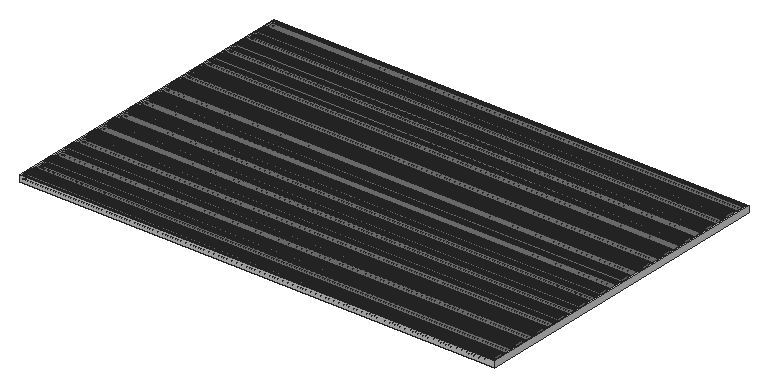
Revit family "Flooring_Entrance_Fuma_TopCleanTrend-With-Grooved-Rubber-And-Cassette-Brush_INT", category Allgemeines Modell, Revit 2018
Family settings
  Kann Basisbauteil für Bewehrung sein = Nein
  Bemaßung runder Anschluss = Durchmesser verwenden
  Teiletyp = Normal
  Arbeitsebenenbasiert = Nein
  Immer vertikal = Ja
  Beim Laden mit Abzugskörper schneiden = Nein
  Gemeinsam genutzt = Nein
  Raumberechnungspunkt = Nein
Parameters (values of type "Thickness 10 mm")
  Technical data link = "https://www.fuma.com/produkte/eingangsmatten/aluprofilmatten/top-clean-trend"
  ProductInformation = "Recommended for use where a weather-proof, corrosion resistant mat is required in external or internal residential or commercial for the initial removal of dirt, grit and moisture. With the additional benefit of the cassette brush for extra removal of grit and stones particularly where interior floor surfaces such as marble, wood or laminate may be vulnerable. Also suitable as a stylish interior application. Made to measure, rollable and easy to clean."
  Product avaibility = "worldwide\r\n"  # constant formula
  Model number = "12225 GP"
  Maximal Load = "3.000 kg"
  Manufacturer Country = "Germany"  # constant formula
  Minimum Length RFA = 300 mm  # constant formula
  Maximum Length RFA = 10000 mm  # constant formula
  Length of the carpet = 1200 mm
  Minimum Width RFA = 300 mm  # constant formula
  Maximum Width RFA = 10000 mm  # constant formula
  Width of the carpet = 800 mm
  Grooved Rubber = Grooved Rubber - Fuma
  Frame Material = "aluminium or stainless steel"
  Start of brush = Adjusted repetition / 2  # 33.267 mm
  Edition number = 2
  Color = "Colours Grooved Rubber: - black - Colours Cassette Brush: - black - grey"
  Cassette Brush = Polyamide - Fuma - Cassette Brush
  Distance adjustment = (Width of the actual carpet - (Number of actual profiles * Attempted repetition)) / Number of actual profiles * 0.8  # 0.533 mm
  Attempted repetition = 2 * (Profile width + Distance between profiles 4 6 or 8mm)  # 66 mm
  URL = "https://www.fuma.com/"
  Telephone = " +49 7248 450 73 0\r\n\r\n"  # constant formula
  Type Comments = ""
  Depth of carpet = 2.8 mm
  Adjusted repetition = Attempted repetition + Distance adjustment  # 66.533 mm
  Number of actual profiles = rounddown(Width of the actual carpet / Attempted repetition)  # 12
  Modell = "TopCleanTrend® with Grooved Rubber and Cassette Brush"
  Hersteller = "fuma Hauszubehör GmbH"  # constant formula
  Actual length = Actual carpet length - (Thickness of the frame profile + 2 mm) * 2  # 1190 mm
  Actual carpet length = if(Length of the carpet < Minimum Length RFA, Minimum Length RFA, if(Length of the carpet > Maximum Length RFA, Maximum Length RFA, Length of the carpet))  # 1200 mm
  Profile = Aluminum - Fuma - Grey
  Width of the frame profile = (Profile width + Distance between profiles 4 6 or 8mm) / 2  # 16.5 mm
  Profile width = 27 mm
  Actual width = Number of actual profiles * Adjusted repetition + 2 mm  # 800.4 mm
  Width of the actual carpet = if(Width of the carpet < Minimum Width RFA, Minimum Width RFA, if(Width of the carpet > Maximum Width RFA, Maximum Width RFA, Width of the carpet))  # 800 mm
  Frame height = 15 mm
  Thickness of the carpet = 10 mm
  Thickness of the frame profile = 3 mm  # constant formula
  E-mail = "info@fuma.com"  # constant formula
  Distance between profiles 4 6 or 8mm = 6 mm
  Distance of profile = 10.2 mm
  Description = ""
  Rubber = Rubber - Fuma - Black
  Address = "Reutäckerstraße 9, 76307 Karlsbad, DE"  # constant formula
Types (4, lengths in mm): name | Depth of carpet | Frame height | Thickness of the carpet | Distance of profile
  Thickness 27 mm | 5 | 30 | 27 | 23
  Thickness 22 mm | 5 | 25 | 22 | 18
  Thickness 10 mm | 2.8 | 15 | 10 | 10.2
  Thickness 17 mm | 3 | 20 | 17 | 13.5
Reference planes
  plane 1 "Center (Front/Back)": y = 0
  plane 2: z = 0
  plane 3 "Center (Left/Right)": x = 0
  plane 4: y = 800
  plane 5: x = 1200
Forms (mm)
  Sweep 1, solid, material "Aluminum - Fuma - Grey" <- "Profile"
    path origin (0, 0, 0) x (1, 0, 0) y (0, 1, 0)
      loop
        line (0, 800) -> (0, 0) -> (1200, 0) -> (1200, 800) -> (0, 800)
    profile origin (600, 800, 0) x (0, 1, 0) y (0, 0, 1)
      loop
        line (0, -3) -> (0, 12) -> (-3, 12) -> (-3, 0) -> (-16.5, 0) -> (-16.5, -3) -> (0, -3)
Dimensions and locks
  equal spacing: group 1, group 2, group 3, group 4, group 9, group 10, group 11, group 12, group 13, group 14, group 15, group 16  (x3)
  "Actual carpet length": plane 5 to plane 3 "Center (Left/Right)"
  "Width of the actual carpet": plane 4 to plane 1 "Center (Front/Back)"
  "Thickness of the frame profile": Sweep 1 sketch curve to Sweep 1 sketch curve  (x2)
  "Frame height": Sweep 1 sketch curve to Sweep 1 sketch curve
  "Width of the frame profile": Sweep 1 sketch curve to Sweep 1 sketch curve
  locked: plane 1 "Center (Front/Back)" to nested 1 at 4
  "Adjusted repetition": nested 1 to nested 2
  equal spacing: group 5, group 6, group 7, group 8, group 17, group 18, group 19, group 20, group 21, group 22, group 23, group 24  (x3)
  "Adjusted repetition": nested 6 to nested 5
  "Start of brush": nested 5 to nested 1
  aligned and locked: Sweep 1 sketch curve to plane 5
  aligned and locked: plane 3 "Center (Left/Right)" to Sweep 1 sketch curve
  aligned and locked: Sweep 1 sketch curve to plane 4
  aligned and locked: Sweep 1 sketch curve to plane 1 "Center (Front/Back)"
Automatic sketch dimensions
  Sweep 1 sketch curve to level = 0 mm
  Sweep 1 sketch curve to profile plane = 0 mm
Nested families
  nested 1: "Grooved Rubber" at (4, 17.472, 0), type "Grooved Rubber"
    with Trend 22 no, Trend 10 yes, Profondeur Tapis 2.8 mm, Hauteur 10 mm, Distance profil 10.2 mm
  nested 2: "Grooved Rubber" at (4, 84.005, 0), type "Grooved Rubber"
    with Trend 22 no, Trend 10 yes, Profondeur Tapis 2.8 mm, Hauteur 10 mm, Distance profil 10.2 mm
  nested 3: "Grooved Rubber" at (4, 150.539, 0), type "Grooved Rubber"
    with Trend 22 no, Trend 10 yes, Profondeur Tapis 2.8 mm, Hauteur 10 mm, Distance profil 10.2 mm
  nested 4: "Grooved Rubber" at (4, 217.072, 0), type "Grooved Rubber"
    with Trend 22 no, Trend 10 yes, Profondeur Tapis 2.8 mm, Hauteur 10 mm, Distance profil 10.2 mm
  nested 5: "Cassette Brush" at (4, 50.739, 0), type "Cassette Brush"
  nested 6: "Cassette Brush" at (4, 117.272, 0), type "Cassette Brush"
  nested 7: "Cassette Brush" at (4, 183.805, 0), type "Cassette Brush"
  nested 8: "Cassette Brush" at (4, 250.339, 0), type "Cassette Brush"
  nested 9: "Grooved Rubber" at (4, 283.605, 0), type "Grooved Rubber"
    with Trend 22 no, Trend 10 yes, Profondeur Tapis 2.8 mm, Hauteur 10 mm, Distance profil 10.2 mm
  nested 10: "Grooved Rubber" at (4, 350.139, 0), type "Grooved Rubber"
    with Trend 22 no, Trend 10 yes, Profondeur Tapis 2.8 mm, Hauteur 10 mm, Distance profil 10.2 mm
  nested 11: "Grooved Rubber" at (4, 416.672, 0), type "Grooved Rubber"
    with Trend 22 no, Trend 10 yes, Profondeur Tapis 2.8 mm, Hauteur 10 mm, Distance profil 10.2 mm
  nested 12: "Grooved Rubber" at (4, 483.205, 0), type "Grooved Rubber"
    with Trend 22 no, Trend 10 yes, Profondeur Tapis 2.8 mm, Hauteur 10 mm, Distance profil 10.2 mm
  nested 13: "Grooved Rubber" at (4, 549.739, 0), type "Grooved Rubber"
    with Trend 22 no, Trend 10 yes, Profondeur Tapis 2.8 mm, Hauteur 10 mm, Distance profil 10.2 mm
  nested 14: "Grooved Rubber" at (4, 616.272, 0), type "Grooved Rubber"
    with Trend 22 no, Trend 10 yes, Profondeur Tapis 2.8 mm, Hauteur 10 mm, Distance profil 10.2 mm
  nested 15: "Grooved Rubber" at (4, 682.805, 0), type "Grooved Rubber"
    with Trend 22 no, Trend 10 yes, Profondeur Tapis 2.8 mm, Hauteur 10 mm, Distance profil 10.2 mm
  nested 16: "Grooved Rubber" at (4, 749.339, 0), type "Grooved Rubber"
    with Trend 22 no, Trend 10 yes, Profondeur Tapis 2.8 mm, Hauteur 10 mm, Distance profil 10.2 mm
  nested 17: "Cassette Brush" at (4, 316.872, 0), type "Cassette Brush"
  nested 18: "Cassette Brush" at (4, 383.405, 0), type "Cassette Brush"
  nested 19: "Cassette Brush" at (4, 449.939, 0), type "Cassette Brush"
  nested 20: "Cassette Brush" at (4, 516.472, 0), type "Cassette Brush"
  nested 21: "Cassette Brush" at (4, 583.005, 0), type "Cassette Brush"
  nested 22: "Cassette Brush" at (4, 649.539, 0), type "Cassette Brush"
  nested 23: "Cassette Brush" at (4, 716.072, 0), type "Cassette Brush"
  nested 24: "Cassette Brush" at (4, 782.605, 0), type "Cassette Brush"
Definition of nested family "Grooved Rubber"
  Parameters (values of type "Grooved Rubber")
    Trend 42 = Hauteur = 42 mm  # no
    Trend 27 = Hauteur = 27 mm  # no
    Trend 22 = Hauteur = 22 mm  # yes
    Trend 17 = Hauteur = 17 mm  # no
    Trend 13 = Hauteur = 13 mm  # no
    Trend 10 = Hauteur = 10 mm  # no
    URL = "https://www.geggus.fr/"
    Profondeur Tapis = 5 mm
    Model = "Top Clean TREND®"
    Manufacturer = "Geggus"
    Longueur = 1190 mm
    Profile = none
    Hauteur = 22 mm
    Gros deniers = yes
    Fintion 2 = none
    Fins deniers = no
    Distance profil = 18 mm
    Caoutchouc = none
    Brosse = none
  Reference planes
    plane 1 "Center (Front/Back)": y = 0
    plane 2: z = 0
    plane 3 "Center (Left/Right)": x = 0
    plane 4: z = 13
    plane 5: z = 18
    plane 6: z = 18
    plane 7: z = 18
  Forms (mm)
    Extrusion 1, solid, material <- "Profile", visible <- "Trend 17"
      sketch origin (0, 0, 0) x (0, 1, 0) y (0, 0, 1)
        loop
          line (12.528, 9.5) -> (-12.472, 9.5) -> (-12.472, 6.7) -> (12.528, 6.7) -> (12.528, 9.5)
        loop
          line (12.028, 10.5) -> (-11.972, 10.5) -> (-11.972, 13.5) -> (-10.982, 13.5) -> (-10.982, 14.5) -> (-13.472, 14.5) -> (-13.472, 2) -> (-11.175, 2) -> (-11.175, 3) -> (-12.472, 3) -> (-12.472, 5.5) -> (-7.372, 5.5) -> (-7.372, 3) -> (-8.681, 3) -> (-8.681, 2) -> (-6.372, 2) -> (-6.372, 5.5) -> (6.428, 5.5) -> (6.428, 2) -> (8.737, 2) -> (8.737, 3) -> (7.428, 3) -> (7.428, 5.5) -> (12.528, 5.5) -> (12.528, 3) -> (11.231, 3) -> (11.231, 2) -> (13.528, 2) -> (13.528, 14.5) -> (11.038, 14.5) -> (11.038, 13.5) -> (12.028, 13.5) -> (12.028, 10.5)
      from 0 to 1190 <- "Longueur"
    Extrusion 2, solid, material <- "Caoutchouc"
      sketch origin (0, -9.881, 7.713) x (0, -1, 0) y (0, 0, -1)
        loop
          line (1.319, 5.713) -> (2.983, 5.713)
          arc (2.983, 5.713) -> (3.327, 5.932) -> (3.274, 6.337) r 0.38
          line (3.274, 6.337) -> (2.119, 7.713) -> (-1.881, 7.713) -> (-3.035, 6.337)
          arc (-3.035, 6.337) -> (-3.088, 5.932) -> (-2.744, 5.713) r 0.38
          line (-2.744, 5.713) -> (-1.081, 5.713) -> (-1.081, 4.76) -> (-1.866, 4.377)
          arc (-1.866, 4.377) -> (-2.114, 3.98) -> (-1.866, 3.583) r 0.442
          line (-1.866, 3.583) -> (-0.765, 3.046)
          arc (-0.765, 3.046) -> (0.119, 2.842) -> (1.004, 3.046) r 2.019
          line (1.004, 3.046) -> (2.105, 3.583)
          arc (2.105, 3.583) -> (2.353, 3.98) -> (2.105, 4.377) r 0.442
          line (2.105, 4.377) -> (1.319, 4.76) -> (1.319, 5.713)
        loop
          line (-21.081, 5.713) -> (-21.081, 4.76) -> (-21.866, 4.377)
          arc (-21.866, 4.377) -> (-22.114, 3.98) -> (-21.866, 3.583) r 0.442
          line (-21.866, 3.583) -> (-20.765, 3.046)
          arc (-20.765, 3.046) -> (-19.881, 2.842) -> (-18.996, 3.046) r 2.019
          line (-18.996, 3.046) -> (-17.895, 3.583)
          arc (-17.895, 3.583) -> (-17.647, 3.98) -> (-17.895, 4.377) r 0.442
          line (-17.895, 4.377) -> (-18.681, 4.76) -> (-18.681, 5.713) -> (-17.017, 5.713)
          arc (-17.017, 5.713) -> (-16.673, 5.932) -> (-16.726, 6.337) r 0.38
          line (-16.726, 6.337) -> (-17.881, 7.713) -> (-21.881, 7.713) -> (-23.035, 6.337)
          arc (-23.035, 6.337) -> (-23.088, 5.932) -> (-22.744, 5.713) r 0.38
          line (-22.744, 5.713) -> (-21.081, 5.713)
      from 0 to 1190 <- "Longueur"
    Extrusion 3, solid, material <- "Brosse", visible <- "Gros deniers"
      sketch origin (0, 0.264, 37.152) x (0, 1, 0) y (0, 0, 1)
        loop
          line (10.315, -24.152) -> (11.621, -16.743) -> (10.374, -14.746) -> (9.01, -16.929) -> (7.646, -14.746) -> (6.282, -16.929) -> (4.918, -14.746) -> (3.671, -16.743) -> (2.423, -14.746) -> (1.059, -16.929) -> (-0.264, -14.812) -> (-1.586, -16.929) -> (-2.95, -14.746) -> (-4.198, -16.743) -> (-5.445, -14.746) -> (-6.809, -16.929) -> (-8.173, -14.746) -> (-9.368, -16.659) -> (-10.563, -14.746) -> (-12.074, -17.164) -> (-10.842, -24.152) -> (10.315, -24.152)
      from 0 to 1190 <- "Longueur"
    Extrusion 4, solid, material <- "Profile", visible <- "Trend 22"
      sketch origin (0, 0.25, 15.623) x (0, 1, 0) y (0, 0, 1)
        loop
          line (8.549, -13.623) -> (8.549, -12.67) -> (7.498, -12.67) -> (7.498, -9.628) -> (12.25, -9.628) -> (12.25, -12.67) -> (10.95, -12.67) -> (10.95, -13.623) -> (12.563, -13.623)
          arc (12.563, -13.623) -> (13.049, -13.422) -> (13.25, -12.937) r 0.687
          line (13.25, -12.937) -> (13.25, 3.375) -> (13, 2.442) -> (12.75, 3.375) -> (12.508, 2.472) -> (12.249, 3.374) -> (12, 2.504) -> (11.75, 3.375)
          arc (11.75, 3.375) -> (11.003, 2.872) -> (11.75, 2.37) r 0.542
          line (11.75, 2.37) -> (11.75, -2.619) -> (-12.25, -2.619) -> (-12.25, 2.37)
          arc (-12.25, 2.37) -> (-11.503, 2.872) -> (-12.25, 3.375) r 0.542
          line (-12.25, 3.375) -> (-12.5, 2.504) -> (-12.749, 3.374) -> (-13.008, 2.472) -> (-13.25, 3.375) -> (-13.5, 2.442) -> (-13.75, 3.375) -> (-13.75, -12.937)
          arc (-13.75, -12.937) -> (-13.549, -13.422) -> (-13.063, -13.623) r 0.687
          line (-13.063, -13.623) -> (-11.45, -13.623) -> (-11.45, -12.67) -> (-12.75, -12.67) -> (-12.75, -9.628) -> (-7.998, -9.628) -> (-7.998, -12.67) -> (-9.049, -12.67) -> (-9.049, -13.623) -> (-6.75, -13.623) -> (-6.75, -9.628) -> (6.25, -9.628) -> (6.25, -13.623) -> (8.549, -13.623)
        loop
          arc (11.684, -8.63) -> (12.084, -8.464) -> (12.25, -8.063) r 0.566
          line (12.25, -8.063) -> (12.25, -4.232)
          arc (12.25, -4.232) -> (12.074, -3.807) -> (11.65, -3.632) r 0.6
          line (11.65, -3.632) -> (-12.19, -3.632)
          arc (-12.19, -3.632) -> (-12.586, -3.796) -> (-12.75, -4.191) r 0.56
          line (-12.75, -4.191) -> (-12.75, -8.023)
          arc (-12.75, -8.023) -> (-12.572, -8.452) -> (-12.144, -8.63) r 0.606
          line (-12.144, -8.63) -> (11.684, -8.63)
      from 0 to 1190 <- "Longueur"
    Extrusion 5, solid, material <- "Profile", visible <- "Trend 27"
      sketch origin (0, -0.028, 0) x (0, 1, 0) y (0, 0, 1)
        loop
          line (11.028, 16.864) -> (-10.972, 16.864)
          arc (-10.972, 16.864) -> (-11.679, 16.571) -> (-11.972, 15.864) r 1
          line (-11.972, 15.864) -> (-11.972, 8.201)
          arc (-11.972, 8.201) -> (-11.679, 7.494) -> (-10.972, 7.201) r 1
          line (-10.972, 7.201) -> (11.028, 7.201)
          arc (11.028, 7.201) -> (11.735, 7.494) -> (12.028, 8.201) r 1
          line (12.028, 8.201) -> (12.028, 15.864)
          arc (12.028, 15.864) -> (11.735, 16.571) -> (11.028, 16.864) r 1
        loop
          line (12.028, 18.021) -> (-11.972, 18.021) -> (-11.972, 23.003) -> (-10.982, 23.003) -> (-10.982, 24.003) -> (-13.472, 24.003) -> (-13.472, 2) -> (-11.175, 2) -> (-11.175, 3) -> (-12.472, 3) -> (-12.472, 5.966) -> (-7.372, 5.966) -> (-7.372, 3) -> (-8.681, 3) -> (-8.681, 2) -> (-6.372, 2) -> (-6.372, 5.966) -> (6.428, 5.966) -> (6.428, 2) -> (8.737, 2) -> (8.737, 3) -> (7.428, 3) -> (7.428, 5.966) -> (12.528, 5.966) -> (12.528, 3) -> (11.231, 3) -> (11.231, 2) -> (13.528, 2) -> (13.528, 24.003) -> (11.038, 24.003) -> (11.038, 23.003) -> (12.028, 23.003) -> (12.028, 18.021)
      from 0 to 1190 <- "Longueur"
    Extrusion 6, solid, material <- "Profile", visible <- "Trend 10"
      sketch origin (0, 0, 8.025) x (0, 1, 0) y (0, 0, 1)
        loop
          line (8.804, -6.025) -> (8.804, -5.072) -> (7.498, -5.072) -> (7.498, -2.031) -> (12.498, -2.031) -> (12.498, -5.072) -> (11.204, -5.072) -> (11.204, -6.025) -> (12.626, -6.025)
          arc (12.626, -6.025) -> (13.263, -5.761) -> (13.527, -5.124) r 0.902
          line (13.527, -5.124) -> (13.527, 2.339)
          arc (13.527, 2.339) -> (13.624, 2.92) -> (13.25, 3.375) r 0.711
          line (13.25, 3.375) -> (13, 2.442) -> (12.75, 3.375) -> (12.508, 2.472) -> (12.249, 3.374) -> (12, 2.504) -> (11.75, 3.375)
          arc (11.75, 3.375) -> (11.003, 2.872) -> (11.75, 2.37) r 0.542
          line (11.75, 2.37) -> (11.75, -0.638) -> (-11.75, -0.638) -> (-11.75, 2.37)
          arc (-11.75, 2.37) -> (-11.003, 2.872) -> (-11.75, 3.375) r 0.542
          line (-11.75, 3.375) -> (-12, 2.504) -> (-12.249, 3.374) -> (-12.508, 2.472) -> (-12.75, 3.375) -> (-13, 2.442) -> (-13.25, 3.375)
          arc (-13.25, 3.375) -> (-13.624, 2.92) -> (-13.527, 2.339) r 0.711
          line (-13.527, 2.339) -> (-13.527, -5.124)
          arc (-13.527, -5.124) -> (-13.263, -5.761) -> (-12.626, -6.025) r 0.902
          line (-12.626, -6.025) -> (-11.204, -6.025) -> (-11.204, -5.072) -> (-12.498, -5.072) -> (-12.498, -2.031) -> (-7.498, -2.031) -> (-7.498, -5.072) -> (-8.804, -5.072) -> (-8.804, -6.025) -> (8.804, -6.025)
        loop
          line (-5.764, -5.072) -> (5.764, -5.072)
          arc (5.764, -5.072) -> (6.289, -4.855) -> (6.506, -4.329) r 0.743
          line (6.506, -4.329) -> (6.506, -2.723)
          arc (6.506, -2.723) -> (6.303, -2.233) -> (5.814, -2.031) r 0.692
          line (5.814, -2.031) -> (-5.814, -2.031)
          arc (-5.814, -2.031) -> (-6.303, -2.233) -> (-6.506, -2.723) r 0.692
          line (-6.506, -2.723) -> (-6.506, -4.329)
          arc (-6.506, -4.329) -> (-6.289, -4.855) -> (-5.764, -5.072) r 0.743
      from 0 to 1190 <- "Longueur"
  Dimensions and locks
    "Profondeur Tapis": plane 4 to plane 5
    "Distance profil": plane 5 to level
    aligned and locked: plane 4 to Extrusion 3 sketch curve
  Automatic sketch dimensions
    plane 1 "Center (Front/Back)" to Extrusion 1 sketch curve = 13.472 mm
    Extrusion 1 sketch curve to Extrusion 1 sketch curve = 1 mm  (x12)
    Extrusion 1 sketch curve to Extrusion 1 sketch curve = 0.5 mm  (x2)
    Extrusion 1 sketch curve to Extrusion 1 sketch curve = 1.297 mm
    Extrusion 1 sketch curve to Extrusion 1 sketch curve = 0.99 mm  (x2)
    Extrusion 1 sketch curve to Extrusion 1 sketch curve = 2.495 mm  (x2)
    Extrusion 1 sketch curve to Extrusion 1 sketch curve = 1.309 mm  (x2)
    level to Extrusion 1 sketch curve = 2 mm  (x4)
    Extrusion 1 sketch curve to plane 1 "Center (Front/Back)" = 6.428 mm
    Extrusion 1 sketch curve to Extrusion 1 sketch curve = 3.61 mm
    Extrusion 1 sketch curve to Extrusion 1 sketch curve = 0 mm  (x3)
    Extrusion 1 sketch curve to Extrusion 1 sketch curve = 2.5 mm
    Extrusion 1 sketch curve to Extrusion 1 sketch curve = 1.2 mm
    Extrusion 1 sketch curve to Extrusion 1 sketch curve = 2.8 mm
    Extrusion 1 sketch curve to Extrusion 1 sketch curve = 3 mm  (x2)
    Extrusion 2 sketch curve to level = 0 mm  (x2)
    level to Extrusion 2 sketch curve = 1.376 mm  (x4)
    Extrusion 2 sketch curve to plane 1 "Center (Front/Back)" = 13.155 mm
    Extrusion 2 sketch curve to Extrusion 2 sketch curve = 0.291 mm  (x4)
    Extrusion 2 sketch curve to Extrusion 2 sketch curve = 1.155 mm  (x2)
    level to Extrusion 2 sketch curve = 4.13 mm  (x3)
    Extrusion 2 sketch curve to Extrusion 2 sketch curve = 0.878 mm  (x3)
    Extrusion 2 sketch curve to Extrusion 2 sketch curve = 0.194 mm  (x7)
    Extrusion 2 sketch curve to Extrusion 2 sketch curve = 0.592 mm  (x3)
    level to Extrusion 2 sketch curve = 4.667 mm  (x3)
    Extrusion 2 sketch curve to Extrusion 2 sketch curve = 1.1 mm  (x2)
    Extrusion 2 sketch curve to Extrusion 2 sketch curve = 1.2 mm  (x4)
    level to Extrusion 2 sketch curve = 2.953 mm  (x2)
    level to Extrusion 2 sketch curve = 3.336 mm  (x4)
    Extrusion 2 sketch curve to Extrusion 2 sketch curve = 0.8 mm  (x2)
    plane 1 "Center (Front/Back)" to Extrusion 2 sketch curve = 6.845 mm
    Extrusion 2 sketch curve to Extrusion 2 sketch curve = 0 mm
    Extrusion 2 sketch curve to Extrusion 2 sketch curve = 0.785 mm
    Extrusion 2 sketch curve to Extrusion 2 sketch curve = 1.77 mm
    Extrusion 2 sketch curve to Extrusion 2 sketch curve = 1.664 mm
    Extrusion 2 sketch curve to Extrusion 2 sketch curve = 0.794 mm
    Extrusion 2 sketch curve to Extrusion 2 sketch curve = 0.397 mm  (x2)
    Extrusion 2 sketch curve to Extrusion 2 sketch curve = 0.78 mm  (x2)
    Extrusion 2 sketch curve to Extrusion 2 sketch curve = 0.101 mm  (x2)
    Extrusion 2 sketch curve to Extrusion 2 sketch curve = 0.953 mm  (x3)
    Extrusion 2 sketch curve to Extrusion 2 sketch curve = 0.624 mm
    plane 1 "Center (Front/Back)" to Extrusion 4 sketch curve = 13.5 mm
    Extrusion 4 sketch curve to Extrusion 4 sketch curve = 0.25 mm  (x2)
    Extrusion 4 sketch curve to Extrusion 4 sketch curve = 0.5 mm  (x3)
    Extrusion 4 sketch curve to Extrusion 4 sketch curve = 0.687 mm
    Extrusion 4 sketch curve to Extrusion 4 sketch curve = 0.492 mm  (x2)
    Extrusion 4 sketch curve to Extrusion 4 sketch curve = 0.258 mm
    Extrusion 4 sketch curve to Extrusion 4 sketch curve = 0.313 mm  (x2)
    Extrusion 4 sketch curve to Extrusion 4 sketch curve = 0.501 mm  (x2)
    Extrusion 4 sketch curve to Extrusion 4 sketch curve = 0.508 mm  (x2)
    Extrusion 4 sketch curve to Extrusion 4 sketch curve = 0.499 mm  (x2)
    Extrusion 4 sketch curve to Extrusion 4 sketch curve = 0.56 mm
    Extrusion 4 sketch curve to Extrusion 4 sketch curve = 0.606 mm
    Extrusion 4 sketch curve to Extrusion 4 sketch curve = 0.205 mm  (x2)
    Extrusion 4 sketch curve to Extrusion 4 sketch curve = 1.3 mm  (x2)
    Extrusion 4 sketch curve to Extrusion 4 sketch curve = 2.401 mm  (x2)
    Extrusion 4 sketch curve to Extrusion 4 sketch curve = 1.051 mm  (x2)
    Extrusion 4 sketch curve to Extrusion 4 sketch curve = 1.248 mm  (x2)
    Extrusion 4 sketch curve to plane 1 "Center (Front/Back)" = 6.5 mm
    Extrusion 4 sketch curve to plane 1 "Center (Front/Back)" = 11.795 mm
    Extrusion 4 sketch curve to Extrusion 4 sketch curve = 0.105 mm
    Extrusion 4 sketch curve to Extrusion 4 sketch curve = 0.034 mm
    Extrusion 4 sketch curve to Extrusion 4 sketch curve = 0.1 mm
    Extrusion 4 sketch curve to Extrusion 4 sketch curve = 0.6 mm
    level to Extrusion 4 sketch curve = 2 mm
    Extrusion 4 sketch curve to Extrusion 4 sketch curve = 0 mm  (x6)
    Extrusion 4 sketch curve to Extrusion 4 sketch curve = 0.953 mm  (x3)
    Extrusion 4 sketch curve to Extrusion 4 sketch curve = 0.267 mm
    Extrusion 4 sketch curve to Extrusion 4 sketch curve = 3.042 mm  (x2)
    Extrusion 4 sketch curve to Extrusion 4 sketch curve = 0.999 mm
    Extrusion 4 sketch curve to Extrusion 4 sketch curve = 3.832 mm
    Extrusion 4 sketch curve to Extrusion 4 sketch curve = 1.013 mm
    Extrusion 4 sketch curve to Extrusion 4 sketch curve = 4.989 mm  (x2)
    Extrusion 4 sketch curve to Extrusion 4 sketch curve = 0.071 mm  (x2)
    Extrusion 4 sketch curve to Extrusion 4 sketch curve = 0.03 mm  (x2)
    Extrusion 4 sketch curve to Extrusion 4 sketch curve = 0.133 mm  (x2)
    Extrusion 4 sketch curve to Extrusion 4 sketch curve = 0.502 mm  (x2)
    Extrusion 4 sketch curve to Extrusion 4 sketch curve = 0.001 mm  (x3)
    Extrusion 4 sketch curve to Extrusion 4 sketch curve = 0.933 mm
    plane 1 "Center (Front/Back)" to Extrusion 5 sketch curve = 13.5 mm
    Extrusion 5 sketch curve to Extrusion 5 sketch curve = 1 mm  (x13)
    Extrusion 5 sketch curve to Extrusion 5 sketch curve = 0.5 mm
    Extrusion 5 sketch curve to Extrusion 5 sketch curve = 0 mm  (x7)
    Extrusion 5 sketch curve to Extrusion 5 sketch curve = 1.297 mm
    Extrusion 5 sketch curve to Extrusion 5 sketch curve = 0.99 mm  (x2)
    Extrusion 5 sketch curve to Extrusion 5 sketch curve = 2.495 mm  (x2)
    Extrusion 5 sketch curve to Extrusion 5 sketch curve = 1.309 mm  (x2)
    Extrusion 5 sketch curve to Extrusion 5 sketch curve = 12.8 mm
    Extrusion 5 sketch curve to Extrusion 5 sketch curve = 3.6 mm
    Extrusion 5 sketch curve to Extrusion 5 sketch curve = 0.01 mm
    Extrusion 5 sketch curve to Extrusion 5 sketch curve = 1.5 mm
    level to Extrusion 5 sketch curve = 2 mm
    Extrusion 5 sketch curve to Extrusion 5 sketch curve = 2.966 mm
    Extrusion 5 sketch curve to Extrusion 5 sketch curve = 1.236 mm
    Extrusion 5 sketch curve to Extrusion 5 sketch curve = 7.663 mm
    Extrusion 5 sketch curve to Extrusion 5 sketch curve = 1.157 mm
    Extrusion 5 sketch curve to Extrusion 5 sketch curve = 4.982 mm  (x2)
    level to Extrusion 6 sketch curve = 2.902 mm
    plane 1 "Center (Front/Back)" to Extrusion 6 sketch curve = 13.527 mm
    Extrusion 6 sketch curve to Extrusion 6 sketch curve = 0.277 mm
    Extrusion 6 sketch curve to Extrusion 6 sketch curve = 0.527 mm
    Extrusion 6 sketch curve to Extrusion 6 sketch curve = 0.062 mm  (x2)
    Extrusion 6 sketch curve to Extrusion 6 sketch curve = 0.5 mm  (x2)
    Extrusion 6 sketch curve to Extrusion 6 sketch curve = 0.902 mm  (x2)
    Extrusion 6 sketch curve to Extrusion 6 sketch curve = 0.492 mm
    Extrusion 6 sketch curve to Extrusion 6 sketch curve = 0.128 mm  (x2)
    Extrusion 6 sketch curve to Extrusion 6 sketch curve = 0.501 mm  (x2)
    Extrusion 6 sketch curve to Extrusion 6 sketch curve = 0.508 mm  (x2)
    Extrusion 6 sketch curve to Extrusion 6 sketch curve = 0.748 mm
    Extrusion 6 sketch curve to Extrusion 6 sketch curve = 0.499 mm  (x2)
    Extrusion 6 sketch curve to Extrusion 6 sketch curve = 0.205 mm  (x3)
    Extrusion 6 sketch curve to Extrusion 6 sketch curve = 1.422 mm
    Extrusion 6 sketch curve to Extrusion 6 sketch curve = 2.4 mm  (x2)
    Extrusion 6 sketch curve to Extrusion 6 sketch curve = 1.306 mm  (x2)
    Extrusion 6 sketch curve to Extrusion 6 sketch curve = 0.992 mm  (x2)
    Extrusion 6 sketch curve to Extrusion 6 sketch curve = 0.692 mm  (x2)
    Extrusion 6 sketch curve to Extrusion 6 sketch curve = 0.743 mm  (x3)
    Extrusion 6 sketch curve to plane 1 "Center (Front/Back)" = 5.764 mm
    Extrusion 6 sketch curve to Extrusion 6 sketch curve = 0.05 mm
    Extrusion 6 sketch curve to Extrusion 6 sketch curve = 4.047 mm
    Extrusion 6 sketch curve to Extrusion 6 sketch curve = 0.25 mm
    Extrusion 6 sketch curve to Extrusion 6 sketch curve = 1.294 mm
    Extrusion 6 sketch curve to Extrusion 6 sketch curve = 0.43 mm
    level to Extrusion 6 sketch curve = 2 mm  (x2)
    Extrusion 6 sketch curve to Extrusion 6 sketch curve = 0.953 mm  (x3)
    level to Extrusion 6 sketch curve = 2.953 mm
    Extrusion 6 sketch curve to Extrusion 6 sketch curve = 1.606 mm
    Extrusion 6 sketch curve to Extrusion 6 sketch curve = 3.042 mm
    Extrusion 6 sketch curve to Extrusion 6 sketch curve = 1.393 mm
    Extrusion 6 sketch curve to Extrusion 6 sketch curve = 2.977 mm  (x2)
    Extrusion 6 sketch curve to Extrusion 6 sketch curve = 0.031 mm  (x2)
    Extrusion 6 sketch curve to Extrusion 6 sketch curve = 0.102 mm  (x2)
    Extrusion 6 sketch curve to Extrusion 6 sketch curve = 0.03 mm  (x2)
    Extrusion 6 sketch curve to Extrusion 6 sketch curve = 0.133 mm  (x2)
    Extrusion 6 sketch curve to Extrusion 6 sketch curve = 0.295 mm  (x2)
    Extrusion 6 sketch curve to Extrusion 6 sketch curve = 0.502 mm  (x2)
    Extrusion 6 sketch curve to Extrusion 6 sketch curve = 0.001 mm  (x2)
    Extrusion 6 sketch curve to Extrusion 6 sketch curve = 0 mm  (x2)
    Extrusion 3 sketch curve to plane 1 "Center (Front/Back)" = 0 mm
    plane 1 "Center (Front/Back)" to Extrusion 3 sketch curve = 1.323 mm
    Extrusion 3 sketch curve to Extrusion 3 sketch curve = 1.364 mm  (x8)
    Extrusion 3 sketch curve to Extrusion 3 sketch curve = 1.247 mm  (x5)
    Extrusion 3 sketch curve to plane 5 = 2.223 mm  (x5)
    Extrusion 3 sketch curve to plane 5 = 2.493 mm
    Extrusion 3 sketch curve to Extrusion 3 sketch curve = 1.195 mm  (x2)
    Extrusion 3 sketch curve to plane 5 = 4.406 mm  (x2)
    Extrusion 3 sketch curve to Extrusion 3 sketch curve = 1.474 mm
    Extrusion 3 sketch curve to plane 5 = 1.988 mm
    Extrusion 3 sketch curve to Extrusion 3 sketch curve = 2.706 mm
    Extrusion 3 sketch curve to plane 1 "Center (Front/Back)" = 1.323 mm
    Extrusion 3 sketch curve to Extrusion 3 sketch curve = 1.305 mm
    Extrusion 3 sketch curve to plane 5 = 2.409 mm  (x3)
    Extrusion 3 sketch curve to Extrusion 3 sketch curve = 2.117 mm
    Extrusion 3 sketch curve to Extrusion 3 sketch curve = 1.996 mm  (x4)
    Extrusion 3 sketch curve to Extrusion 3 sketch curve = 1.913 mm
    Extrusion 3 sketch curve to Extrusion 3 sketch curve = 2.183 mm
Definition of nested family "Cassette Brush"
  Parameters (values of type "Cassette Brush")
    Trend 42 = Hauteur = 42 mm  # no
    Trend 27 = Hauteur = 27 mm  # no
    Trend 22 = Hauteur = 22 mm  # no
    Trend 17 = Hauteur = 17 mm  # no
    Trend 13 = Hauteur = 13 mm  # no
    Trend 10 = Hauteur = 10 mm  # yes
    URL = "https://www.geggus.fr/"
    Profondeur Tapis = 2.8 mm
    Model = "Top Clean TREND®"
    Manufacturer = "Geggus"
    Longueur = 1190 mm
    Profile = none
    Hauteur = 10 mm
    Gros deniers = yes
    Fins deniers = no
    Distance profil = 10.2 mm
    Caoutchouc = none
    Brosse = none
  Reference planes
    plane 1 "Center (Front/Back)": y = 0
    plane 2: z = 0
    plane 3 "Center (Left/Right)": x = 0
    plane 4: z = 7.4
    plane 5: z = 10.2
  Forms (mm)
    Extrusion 1, solid, material <- "Profile", visible <- "Trend 17"
      sketch origin (0, 0, 0) x (0, 1, 0) y (0, 0, 1)
        loop
          line (12.528, 9.5) -> (-12.472, 9.5) -> (-12.472, 6.7) -> (12.528, 6.7) -> (12.528, 9.5)
        loop
          line (12.028, 10.5) -> (-11.972, 10.5) -> (-11.972, 13.5) -> (-10.982, 13.5) -> (-10.982, 14.5) -> (-13.472, 14.5) -> (-13.472, 2) -> (-11.175, 2) -> (-11.175, 3) -> (-12.472, 3) -> (-12.472, 5.5) -> (-7.372, 5.5) -> (-7.372, 3) -> (-8.681, 3) -> (-8.681, 2) -> (-6.372, 2) -> (-6.372, 5.5) -> (6.428, 5.5) -> (6.428, 2) -> (8.737, 2) -> (8.737, 3) -> (7.428, 3) -> (7.428, 5.5) -> (12.528, 5.5) -> (12.528, 3) -> (11.231, 3) -> (11.231, 2) -> (13.528, 2) -> (13.528, 14.5) -> (11.038, 14.5) -> (11.038, 13.5) -> (12.028, 13.5) -> (12.028, 10.5)
      from 0 to 1190 <- "Longueur"
    Extrusion 2, solid, material <- "Caoutchouc"
      sketch origin (0, -9.881, 7.713) x (0, -1, 0) y (0, 0, -1)
        loop
          line (1.319, 5.713) -> (2.983, 5.713)
          arc (2.983, 5.713) -> (3.327, 5.932) -> (3.274, 6.337) r 0.38
          line (3.274, 6.337) -> (2.119, 7.713) -> (-1.881, 7.713) -> (-3.035, 6.337)
          arc (-3.035, 6.337) -> (-3.088, 5.932) -> (-2.744, 5.713) r 0.38
          line (-2.744, 5.713) -> (-1.081, 5.713) -> (-1.081, 4.76) -> (-1.866, 4.377)
          arc (-1.866, 4.377) -> (-2.114, 3.98) -> (-1.866, 3.583) r 0.442
          line (-1.866, 3.583) -> (-0.765, 3.046)
          arc (-0.765, 3.046) -> (0.119, 2.842) -> (1.004, 3.046) r 2.019
          line (1.004, 3.046) -> (2.105, 3.583)
          arc (2.105, 3.583) -> (2.353, 3.98) -> (2.105, 4.377) r 0.442
          line (2.105, 4.377) -> (1.319, 4.76) -> (1.319, 5.713)
        loop
          line (-21.081, 5.713) -> (-21.081, 4.76) -> (-21.866, 4.377)
          arc (-21.866, 4.377) -> (-22.114, 3.98) -> (-21.866, 3.583) r 0.442
          line (-21.866, 3.583) -> (-20.765, 3.046)
          arc (-20.765, 3.046) -> (-19.881, 2.842) -> (-18.996, 3.046) r 2.019
          line (-18.996, 3.046) -> (-17.895, 3.583)
          arc (-17.895, 3.583) -> (-17.647, 3.98) -> (-17.895, 4.377) r 0.442
          line (-17.895, 4.377) -> (-18.681, 4.76) -> (-18.681, 5.713) -> (-17.017, 5.713)
          arc (-17.017, 5.713) -> (-16.673, 5.932) -> (-16.726, 6.337) r 0.38
          line (-16.726, 6.337) -> (-17.881, 7.713) -> (-21.881, 7.713) -> (-23.035, 6.337)
          arc (-23.035, 6.337) -> (-23.088, 5.932) -> (-22.744, 5.713) r 0.38
          line (-22.744, 5.713) -> (-21.081, 5.713)
      from 0 to 1190 <- "Longueur"
    Extrusion 3, solid, material <- "Brosse", visible <- "Gros deniers"
      sketch origin (0, 0.264, 37.152) x (0, 1, 0) y (0, 0, 1)
        loop
          arc (11.75, -27.533) -> (11.58, -27.122) -> (11.169, -26.952) r 0.581
          line (11.169, -26.952) -> (-11.607, -26.952)
          arc (-11.607, -26.952) -> (-12.062, -27.14) -> (-12.25, -27.595) r 0.643
          line (-12.25, -27.595) -> (-12.25, -29.149)
          arc (-12.25, -29.149) -> (-12.073, -29.576) -> (-11.647, -29.752) r 0.603
          line (-11.647, -29.752) -> (11.12, -29.752)
          arc (11.12, -29.752) -> (11.566, -29.568) -> (11.75, -29.122) r 0.63
          line (11.75, -29.122) -> (11.75, -27.533)
      from 0 to 1190 <- "Longueur"
    Extrusion 4, solid, material <- "Profile", visible <- "Trend 22"
      sketch origin (0, 0.25, 15.623) x (0, 1, 0) y (0, 0, 1)
        loop
          line (8.549, -13.623) -> (8.549, -12.67) -> (7.498, -12.67) -> (7.498, -9.628) -> (12.25, -9.628) -> (12.25, -12.67) -> (10.95, -12.67) -> (10.95, -13.623) -> (12.563, -13.623)
          arc (12.563, -13.623) -> (13.049, -13.422) -> (13.25, -12.937) r 0.687
          line (13.25, -12.937) -> (13.25, 3.375) -> (13, 2.442) -> (12.75, 3.375) -> (12.508, 2.472) -> (12.249, 3.374) -> (12, 2.504) -> (11.75, 3.375)
          arc (11.75, 3.375) -> (11.003, 2.872) -> (11.75, 2.37) r 0.542
          line (11.75, 2.37) -> (11.75, -2.619) -> (-12.25, -2.619) -> (-12.25, 2.37)
          arc (-12.25, 2.37) -> (-11.503, 2.872) -> (-12.25, 3.375) r 0.542
          line (-12.25, 3.375) -> (-12.5, 2.504) -> (-12.749, 3.374) -> (-13.008, 2.472) -> (-13.25, 3.375) -> (-13.5, 2.442) -> (-13.75, 3.375) -> (-13.75, -12.937)
          arc (-13.75, -12.937) -> (-13.549, -13.422) -> (-13.063, -13.623) r 0.687
          line (-13.063, -13.623) -> (-11.45, -13.623) -> (-11.45, -12.67) -> (-12.75, -12.67) -> (-12.75, -9.628) -> (-7.998, -9.628) -> (-7.998, -12.67) -> (-9.049, -12.67) -> (-9.049, -13.623) -> (-6.75, -13.623) -> (-6.75, -9.628) -> (6.25, -9.628) -> (6.25, -13.623) -> (8.549, -13.623)
        loop
          arc (11.684, -8.63) -> (12.084, -8.464) -> (12.25, -8.063) r 0.566
          line (12.25, -8.063) -> (12.25, -4.232)
          arc (12.25, -4.232) -> (12.074, -3.807) -> (11.65, -3.632) r 0.6
          line (11.65, -3.632) -> (-12.19, -3.632)
          arc (-12.19, -3.632) -> (-12.586, -3.796) -> (-12.75, -4.191) r 0.56
          line (-12.75, -4.191) -> (-12.75, -8.023)
          arc (-12.75, -8.023) -> (-12.572, -8.452) -> (-12.144, -8.63) r 0.606
          line (-12.144, -8.63) -> (11.684, -8.63)
      from 0 to 1190 <- "Longueur"
    Extrusion 5, solid, material <- "Profile", visible <- "Trend 27"
      sketch origin (0, -0.028, 0) x (0, 1, 0) y (0, 0, 1)
        loop
          line (11.028, 16.864) -> (-10.972, 16.864)
          arc (-10.972, 16.864) -> (-11.679, 16.571) -> (-11.972, 15.864) r 1
          line (-11.972, 15.864) -> (-11.972, 8.201)
          arc (-11.972, 8.201) -> (-11.679, 7.494) -> (-10.972, 7.201) r 1
          line (-10.972, 7.201) -> (11.028, 7.201)
          arc (11.028, 7.201) -> (11.735, 7.494) -> (12.028, 8.201) r 1
          line (12.028, 8.201) -> (12.028, 15.864)
          arc (12.028, 15.864) -> (11.735, 16.571) -> (11.028, 16.864) r 1
        loop
          line (12.028, 18.021) -> (-11.972, 18.021) -> (-11.972, 23.003) -> (-10.982, 23.003) -> (-10.982, 24.003) -> (-13.472, 24.003) -> (-13.472, 2) -> (-11.175, 2) -> (-11.175, 3) -> (-12.472, 3) -> (-12.472, 5.966) -> (-7.372, 5.966) -> (-7.372, 3) -> (-8.681, 3) -> (-8.681, 2) -> (-6.372, 2) -> (-6.372, 5.966) -> (6.428, 5.966) -> (6.428, 2) -> (8.737, 2) -> (8.737, 3) -> (7.428, 3) -> (7.428, 5.966) -> (12.528, 5.966) -> (12.528, 3) -> (11.231, 3) -> (11.231, 2) -> (13.528, 2) -> (13.528, 24.003) -> (11.038, 24.003) -> (11.038, 23.003) -> (12.028, 23.003) -> (12.028, 18.021)
      from 0 to 1190 <- "Longueur"
    Extrusion 6, solid, material <- "Profile", visible <- "Trend 10"
      sketch origin (0, 0, 8.025) x (0, 1, 0) y (0, 0, 1)
        loop
          line (8.804, -6.025) -> (8.804, -5.072) -> (7.498, -5.072) -> (7.498, -2.031) -> (12.498, -2.031) -> (12.498, -5.072) -> (11.204, -5.072) -> (11.204, -6.025) -> (12.626, -6.025)
          arc (12.626, -6.025) -> (13.263, -5.761) -> (13.527, -5.124) r 0.902
          line (13.527, -5.124) -> (13.527, 2.339)
          arc (13.527, 2.339) -> (13.624, 2.92) -> (13.25, 3.375) r 0.711
          line (13.25, 3.375) -> (13, 2.442) -> (12.75, 3.375) -> (12.508, 2.472) -> (12.249, 3.374) -> (12, 2.504) -> (11.75, 3.375)
          arc (11.75, 3.375) -> (11.003, 2.872) -> (11.75, 2.37) r 0.542
          line (11.75, 2.37) -> (11.75, -0.638) -> (-11.75, -0.638) -> (-11.75, 2.37)
          arc (-11.75, 2.37) -> (-11.003, 2.872) -> (-11.75, 3.375) r 0.542
          line (-11.75, 3.375) -> (-12, 2.504) -> (-12.249, 3.374) -> (-12.508, 2.472) -> (-12.75, 3.375) -> (-13, 2.442) -> (-13.25, 3.375)
          arc (-13.25, 3.375) -> (-13.624, 2.92) -> (-13.527, 2.339) r 0.711
          line (-13.527, 2.339) -> (-13.527, -5.124)
          arc (-13.527, -5.124) -> (-13.263, -5.761) -> (-12.626, -6.025) r 0.902
          line (-12.626, -6.025) -> (-11.204, -6.025) -> (-11.204, -5.072) -> (-12.498, -5.072) -> (-12.498, -2.031) -> (-7.498, -2.031) -> (-7.498, -5.072) -> (-8.804, -5.072) -> (-8.804, -6.025) -> (8.804, -6.025)
        loop
          line (-5.764, -5.072) -> (5.764, -5.072)
          arc (5.764, -5.072) -> (6.289, -4.855) -> (6.506, -4.329) r 0.743
          line (6.506, -4.329) -> (6.506, -2.723)
          arc (6.506, -2.723) -> (6.303, -2.233) -> (5.814, -2.031) r 0.692
          line (5.814, -2.031) -> (-5.814, -2.031)
          arc (-5.814, -2.031) -> (-6.303, -2.233) -> (-6.506, -2.723) r 0.692
          line (-6.506, -2.723) -> (-6.506, -4.329)
          arc (-6.506, -4.329) -> (-6.289, -4.855) -> (-5.764, -5.072) r 0.743
      from 0 to 1190 <- "Longueur"
  Lines and regions (mm)
    symbolic lines
      curve 1: line (0, 9.498, 10.2) -> (0, 9.498, 14)
      curve 2: line (0, 5.212, 10.2) -> (0, 5.212, 14)
      curve 3: line (0, 5.926, 10.2) -> (0, 5.926, 14)
      curve 4: line (0, 6.64, 10.2) -> (0, 6.64, 14)
      curve 5: line (0, 7.355, 10.2) -> (0, 7.355, 14)
      curve 6: line (0, 8.069, 10.2) -> (0, 8.069, 14)
      curve 7: line (0, 8.783, 10.2) -> (0, 8.783, 14)
      curve 8: line (0, -9.498, 10.2) -> (0, -9.498, 14)
      curve 9: line (0, -5.212, 10.2) -> (0, -5.212, 14)
      curve 10: line (0, -5.926, 10.2) -> (0, -5.926, 14)
      curve 11: line (0, -6.64, 10.2) -> (0, -6.64, 14)
      curve 12: line (0, -7.355, 10.2) -> (0, -7.355, 14)
      curve 13: line (0, -8.069, 10.2) -> (0, -8.069, 14)
      curve 14: line (0, -8.783, 10.2) -> (0, -8.783, 14)
      curve 15: line (0, -2.143, 10.2) -> (0, -2.143, 14)
      curve 16: line (0, 2.143, 10.2) -> (0, 2.143, 14)
      curve 17: line (0, 1.429, 10.2) -> (0, 1.429, 14)
      curve 18: line (0, 0.714, 10.2) -> (0, 0.714, 14)
      curve 19: line (0, 0, 10.2) -> (0, 0, 14)
      curve 20: line (0, -0.714, 10.2) -> (0, -0.714, 14)
      curve 21: line (0, -1.429, 10.2) -> (0, -1.429, 14)
    symbolic lines, not visible
      curve 22: line (0, 9.498, 7.201) -> (0, 9.498, 11.001)
      curve 23: line (0, 5.212, 7.201) -> (0, 5.212, 11.001)
      curve 24: line (0, 5.926, 7.201) -> (0, 5.926, 11.001)
      curve 25: line (0, 6.64, 7.201) -> (0, 6.64, 11.001)
      curve 26: line (0, 7.355, 7.201) -> (0, 7.355, 11.001)
      curve 27: line (0, 8.069, 7.201) -> (0, 8.069, 11.001)
      curve 28: line (0, 8.783, 7.201) -> (0, 8.783, 11.001)
      curve 29: line (0, -9.498, 7.201) -> (0, -9.498, 11.001)
      curve 30: line (0, -5.212, 7.201) -> (0, -5.212, 11.001)
      curve 31: line (0, -5.926, 7.201) -> (0, -5.926, 11.001)
      curve 32: line (0, -6.64, 7.201) -> (0, -6.64, 11.001)
      curve 33: line (0, -7.355, 7.201) -> (0, -7.355, 11.001)
      curve 34: line (0, -8.069, 7.201) -> (0, -8.069, 11.001)
      curve 35: line (0, -8.783, 7.201) -> (0, -8.783, 11.001)
      curve 36: line (0, -2.143, 7.201) -> (0, -2.143, 11.001)
      curve 37: line (0, 2.143, 7.201) -> (0, 2.143, 11.001)
      curve 38: line (0, 1.429, 7.201) -> (0, 1.429, 11.001)
      curve 39: line (0, 0.714, 7.201) -> (0, 0.714, 11.001)
      curve 40: line (0, 0, 7.201) -> (0, 0, 11.001)
      curve 41: line (0, -0.714, 7.201) -> (0, -0.714, 11.001)
      curve 42: line (0, -1.429, 7.201) -> (0, -1.429, 11.001)
  Dimensions and locks
    "Profondeur Tapis": plane 4 to plane 5
    "Distance profil": plane 5 to level
    "Distance profil": curve 4 to level
    aligned and locked: plane 4 to Extrusion 3 sketch curve
  Automatic sketch dimensions
    plane 1 "Center (Front/Back)" to Extrusion 1 sketch curve = 13.472 mm
    Extrusion 1 sketch curve to Extrusion 1 sketch curve = 1 mm  (x12)
    Extrusion 1 sketch curve to Extrusion 1 sketch curve = 0.5 mm  (x2)
    Extrusion 1 sketch curve to Extrusion 1 sketch curve = 1.297 mm
    Extrusion 1 sketch curve to Extrusion 1 sketch curve = 0.99 mm  (x2)
    Extrusion 1 sketch curve to Extrusion 1 sketch curve = 2.495 mm  (x2)
    Extrusion 1 sketch curve to Extrusion 1 sketch curve = 1.309 mm  (x2)
    level to Extrusion 1 sketch curve = 2 mm  (x4)
    Extrusion 1 sketch curve to plane 1 "Center (Front/Back)" = 6.428 mm
    Extrusion 1 sketch curve to Extrusion 1 sketch curve = 3.61 mm
    Extrusion 1 sketch curve to Extrusion 1 sketch curve = 0 mm  (x3)
    Extrusion 1 sketch curve to Extrusion 1 sketch curve = 3 mm  (x2)
    Extrusion 2 sketch curve to level = 0 mm  (x2)
    level to Extrusion 2 sketch curve = 1.376 mm  (x4)
    Extrusion 2 sketch curve to plane 1 "Center (Front/Back)" = 13.155 mm
    Extrusion 2 sketch curve to Extrusion 2 sketch curve = 0.291 mm  (x4)
    Extrusion 2 sketch curve to Extrusion 2 sketch curve = 1.155 mm  (x2)
    Extrusion 2 sketch curve to Extrusion 2 sketch curve = 0.878 mm  (x3)
    Extrusion 2 sketch curve to Extrusion 2 sketch curve = 0.194 mm  (x7)
    Extrusion 2 sketch curve to Extrusion 2 sketch curve = 0.592 mm  (x3)
    Extrusion 2 sketch curve to Extrusion 2 sketch curve = 1.1 mm  (x4)
    Extrusion 2 sketch curve to Extrusion 2 sketch curve = 1.2 mm  (x4)
    level to Extrusion 2 sketch curve = 2.953 mm  (x2)
    level to Extrusion 2 sketch curve = 3.336 mm  (x4)
    Extrusion 2 sketch curve to Extrusion 2 sketch curve = 0.8 mm  (x2)
    plane 1 "Center (Front/Back)" to Extrusion 2 sketch curve = 6.845 mm
    Extrusion 2 sketch curve to Extrusion 2 sketch curve = 0 mm
    Extrusion 2 sketch curve to Extrusion 2 sketch curve = 0.785 mm
    Extrusion 2 sketch curve to Extrusion 2 sketch curve = 1.664 mm
    Extrusion 2 sketch curve to Extrusion 2 sketch curve = 0.397 mm  (x2)
    Extrusion 2 sketch curve to Extrusion 2 sketch curve = 0.78 mm  (x2)
    Extrusion 2 sketch curve to Extrusion 2 sketch curve = 0.101 mm  (x2)
    Extrusion 2 sketch curve to Extrusion 2 sketch curve = 0.953 mm  (x3)
    Extrusion 2 sketch curve to Extrusion 2 sketch curve = 0.624 mm
    plane 1 "Center (Front/Back)" to Extrusion 4 sketch curve = 13.5 mm
    Extrusion 4 sketch curve to Extrusion 4 sketch curve = 0.25 mm  (x2)
    Extrusion 4 sketch curve to Extrusion 4 sketch curve = 0.5 mm  (x3)
    Extrusion 4 sketch curve to Extrusion 4 sketch curve = 0.687 mm
    Extrusion 4 sketch curve to Extrusion 4 sketch curve = 0.492 mm  (x2)
    Extrusion 4 sketch curve to Extrusion 4 sketch curve = 0.258 mm
    Extrusion 4 sketch curve to Extrusion 4 sketch curve = 0.313 mm  (x2)
    Extrusion 4 sketch curve to Extrusion 4 sketch curve = 0.501 mm  (x2)
    Extrusion 4 sketch curve to Extrusion 4 sketch curve = 0.508 mm  (x2)
    Extrusion 4 sketch curve to Extrusion 4 sketch curve = 0.499 mm  (x2)
    Extrusion 4 sketch curve to Extrusion 4 sketch curve = 0.56 mm
    Extrusion 4 sketch curve to Extrusion 4 sketch curve = 0.606 mm
    Extrusion 4 sketch curve to Extrusion 4 sketch curve = 0.205 mm  (x2)
    Extrusion 4 sketch curve to Extrusion 4 sketch curve = 1.3 mm  (x2)
    Extrusion 4 sketch curve to Extrusion 4 sketch curve = 2.401 mm  (x2)
    Extrusion 4 sketch curve to Extrusion 4 sketch curve = 1.051 mm  (x2)
    Extrusion 4 sketch curve to Extrusion 4 sketch curve = 1.248 mm  (x2)
    Extrusion 4 sketch curve to plane 1 "Center (Front/Back)" = 6.5 mm
    Extrusion 4 sketch curve to plane 1 "Center (Front/Back)" = 11.795 mm
    Extrusion 4 sketch curve to Extrusion 4 sketch curve = 0.105 mm
    Extrusion 4 sketch curve to Extrusion 4 sketch curve = 0.034 mm
    Extrusion 4 sketch curve to Extrusion 4 sketch curve = 0.1 mm
    Extrusion 4 sketch curve to Extrusion 4 sketch curve = 0.999 mm  (x2)
    level to Extrusion 4 sketch curve = 2.953 mm  (x4)
    Extrusion 4 sketch curve to Extrusion 4 sketch curve = 0.267 mm  (x2)
    Extrusion 4 sketch curve to Extrusion 4 sketch curve = 0.953 mm  (x2)
    Extrusion 4 sketch curve to Extrusion 4 sketch curve = 3.832 mm
    Extrusion 4 sketch curve to Extrusion 4 sketch curve = 1.013 mm
    Extrusion 4 sketch curve to Extrusion 4 sketch curve = 4.989 mm  (x2)
    Extrusion 4 sketch curve to Extrusion 4 sketch curve = 0.071 mm  (x2)
    Extrusion 4 sketch curve to Extrusion 4 sketch curve = 0.03 mm  (x2)
    Extrusion 4 sketch curve to Extrusion 4 sketch curve = 0.133 mm  (x2)
    Extrusion 4 sketch curve to Extrusion 4 sketch curve = 0.502 mm  (x2)
    Extrusion 4 sketch curve to Extrusion 4 sketch curve = 0.001 mm  (x3)
    Extrusion 4 sketch curve to Extrusion 4 sketch curve = 0.933 mm
    Extrusion 4 sketch curve to Extrusion 4 sketch curve = 0 mm  (x3)
    plane 1 "Center (Front/Back)" to Extrusion 5 sketch curve = 13.5 mm
    Extrusion 5 sketch curve to Extrusion 5 sketch curve = 1 mm  (x13)
    Extrusion 5 sketch curve to Extrusion 5 sketch curve = 0.5 mm
    Extrusion 5 sketch curve to Extrusion 5 sketch curve = 0 mm  (x3)
    Extrusion 5 sketch curve to Extrusion 5 sketch curve = 1.297 mm
    Extrusion 5 sketch curve to Extrusion 5 sketch curve = 0.99 mm  (x2)
    Extrusion 5 sketch curve to Extrusion 5 sketch curve = 2.495 mm  (x2)
    Extrusion 5 sketch curve to Extrusion 5 sketch curve = 1.309 mm  (x2)
    Extrusion 5 sketch curve to plane 1 "Center (Front/Back)" = 6.4 mm
    Extrusion 5 sketch curve to Extrusion 5 sketch curve = 3.6 mm
    Extrusion 5 sketch curve to Extrusion 5 sketch curve = 0.01 mm
    Extrusion 5 sketch curve to Extrusion 5 sketch curve = 1.5 mm
    level to Extrusion 5 sketch curve = 3 mm  (x3)
    Extrusion 5 sketch curve to Extrusion 5 sketch curve = 2.966 mm  (x2)
    Extrusion 5 sketch curve to Extrusion 5 sketch curve = 7.663 mm
    Extrusion 5 sketch curve to Extrusion 5 sketch curve = 1.157 mm
    Extrusion 5 sketch curve to Extrusion 5 sketch curve = 4.982 mm  (x2)
    level to Extrusion 6 sketch curve = 2.902 mm
    plane 1 "Center (Front/Back)" to Extrusion 6 sketch curve = 13.527 mm
    Extrusion 6 sketch curve to Extrusion 6 sketch curve = 0.277 mm
    Extrusion 6 sketch curve to Extrusion 6 sketch curve = 0.527 mm
    Extrusion 6 sketch curve to Extrusion 6 sketch curve = 0.062 mm  (x2)
    Extrusion 6 sketch curve to Extrusion 6 sketch curve = 0.5 mm  (x2)
    Extrusion 6 sketch curve to Extrusion 6 sketch curve = 0.902 mm  (x2)
    Extrusion 6 sketch curve to Extrusion 6 sketch curve = 0.492 mm
    Extrusion 6 sketch curve to Extrusion 6 sketch curve = 0.128 mm  (x2)
    Extrusion 6 sketch curve to Extrusion 6 sketch curve = 0.501 mm  (x2)
    Extrusion 6 sketch curve to Extrusion 6 sketch curve = 0.508 mm  (x2)
    Extrusion 6 sketch curve to Extrusion 6 sketch curve = 0.748 mm
    Extrusion 6 sketch curve to Extrusion 6 sketch curve = 0.499 mm  (x2)
    Extrusion 6 sketch curve to Extrusion 6 sketch curve = 0.205 mm  (x3)
    Extrusion 6 sketch curve to Extrusion 6 sketch curve = 1.422 mm
    Extrusion 6 sketch curve to Extrusion 6 sketch curve = 2.4 mm  (x2)
    Extrusion 6 sketch curve to Extrusion 6 sketch curve = 1.306 mm  (x2)
    Extrusion 6 sketch curve to Extrusion 6 sketch curve = 0.992 mm  (x2)
    Extrusion 6 sketch curve to Extrusion 6 sketch curve = 0.692 mm  (x2)
    Extrusion 6 sketch curve to Extrusion 6 sketch curve = 0.743 mm  (x3)
    Extrusion 6 sketch curve to plane 1 "Center (Front/Back)" = 5.764 mm
    Extrusion 6 sketch curve to Extrusion 6 sketch curve = 0.05 mm
    Extrusion 6 sketch curve to Extrusion 6 sketch curve = 4.047 mm
    Extrusion 6 sketch curve to Extrusion 6 sketch curve = 0.25 mm
    Extrusion 6 sketch curve to Extrusion 6 sketch curve = 1.294 mm
    Extrusion 6 sketch curve to Extrusion 6 sketch curve = 0.43 mm
    level to Extrusion 6 sketch curve = 2 mm  (x2)
    Extrusion 6 sketch curve to Extrusion 6 sketch curve = 0.953 mm  (x3)
    level to Extrusion 6 sketch curve = 2.953 mm
    Extrusion 6 sketch curve to Extrusion 6 sketch curve = 1.606 mm
    Extrusion 6 sketch curve to Extrusion 6 sketch curve = 0.102 mm  (x2)
    Extrusion 6 sketch curve to Extrusion 6 sketch curve = 0.133 mm  (x2)
    Extrusion 1 sketch curve to Extrusion 1 sketch curve = 2.5 mm
    Extrusion 1 sketch curve to Extrusion 1 sketch curve = 1.2 mm
    Extrusion 1 sketch curve to Extrusion 1 sketch curve = 2.8 mm
    level to Extrusion 2 sketch curve = 4.667 mm
    Extrusion 2 sketch curve to Extrusion 2 sketch curve = 1.331 mm
    Extrusion 2 sketch curve to Extrusion 2 sketch curve = 0.794 mm  (x4)
    Extrusion 4 sketch curve to Extrusion 4 sketch curve = 0.6 mm
    Extrusion 4 sketch curve to Extrusion 4 sketch curve = 3.042 mm
    level to Extrusion 5 sketch curve = 2 mm
    Extrusion 5 sketch curve to Extrusion 5 sketch curve = 1.236 mm
    Extrusion 6 sketch curve to Extrusion 6 sketch curve = 3.042 mm
    Extrusion 6 sketch curve to Extrusion 6 sketch curve = 1.393 mm
    Extrusion 6 sketch curve to Extrusion 6 sketch curve = 2.977 mm  (x2)
    Extrusion 6 sketch curve to Extrusion 6 sketch curve = 0.071 mm  (x2)
    Extrusion 6 sketch curve to Extrusion 6 sketch curve = 0.03 mm  (x2)
    Extrusion 6 sketch curve to Extrusion 6 sketch curve = 0.295 mm  (x2)
    Extrusion 6 sketch curve to Extrusion 6 sketch curve = 0.502 mm  (x2)
    Extrusion 6 sketch curve to Extrusion 6 sketch curve = 0.001 mm  (x2)
    Extrusion 6 sketch curve to Extrusion 6 sketch curve = 0 mm  (x2)
    curve 8 to curve 14 = 0.714 mm
    curve 14 to curve 13 = 0.714 mm
    curve 13 to curve 12 = 0.714 mm
    curve 12 to curve 11 = 0.714 mm
    curve 11 to curve 10 = 0.714 mm
    curve 10 to curve 9 = 0.714 mm
    curve 9 to curve 15 = 3.069 mm
    curve 15 to curve 21 = 0.714 mm
    curve 21 to curve 20 = 0.714 mm
    curve 20 to curve 19 = 0.714 mm
    curve 19 to curve 18 = 0.714 mm
    curve 18 to curve 17 = 0.714 mm
    curve 17 to curve 16 = 0.714 mm
    curve 16 to curve 2 = 3.069 mm
    curve 2 to curve 3 = 0.714 mm
    curve 3 to curve 4 = 0.714 mm
    curve 4 to curve 5 = 0.714 mm
    curve 5 to curve 6 = 0.714 mm
    curve 6 to curve 7 = 0.714 mm
    curve 7 to curve 1 = 0.714 mm
    curve 21 to curve 1 = 0 mm
    curve 2 to curve 1 = 0 mm
    curve 21 to curve 20 = 0 mm
    curve 2 to curve 3 = 0 mm  (x2)
    curve 20 to curve 19 = 0 mm  (x2)
    curve 3 to curve 4 = 0 mm  (x2)
    curve 19 to curve 18 = 0 mm  (x2)
    curve 4 to curve 5 = 0 mm  (x2)
    curve 18 to curve 17 = 0 mm  (x2)
    curve 5 to curve 6 = 0 mm  (x2)
    curve 17 to curve 16 = 0 mm  (x2)
    curve 6 to curve 7 = 0 mm  (x2)
    curve 15 to curve 21 = 0 mm  (x2)
    curve 8 to curve 15 = 0 mm
    curve 8 to curve 14 = 0 mm
    curve 9 to curve 15 = 0 mm  (x2)
    curve 14 to curve 13 = 0 mm  (x2)
    curve 10 to curve 9 = 0 mm  (x2)
    curve 13 to curve 12 = 0 mm  (x2)
    curve 11 to curve 10 = 0 mm
    curve 11 to curve 11 = 3.8 mm
    curve 11 to curve 9 = 0 mm
    curve 12 to curve 11 = 0 mm
    curve 8 to curve 12 = 0 mm
    curve 7 to curve 7 = 3.8 mm
    curve 16 to curve 16 = 3.8 mm
    curve 7 to curve 1 = 0 mm
    curve 29 to curve 35 = 0.714 mm
    curve 35 to curve 34 = 0.714 mm
    curve 34 to curve 33 = 0.714 mm
    curve 33 to curve 32 = 0.714 mm
    curve 32 to curve 31 = 0.714 mm
    curve 31 to curve 30 = 0.714 mm
    curve 30 to curve 36 = 3.069 mm
    curve 36 to curve 42 = 0.714 mm
    curve 42 to curve 41 = 0.714 mm
    curve 41 to curve 40 = 0.714 mm
    curve 40 to curve 39 = 0.714 mm
    curve 39 to curve 38 = 0.714 mm
    curve 38 to curve 37 = 0.714 mm
    curve 37 to curve 23 = 3.069 mm
    curve 23 to curve 24 = 0.714 mm
    curve 24 to curve 25 = 0.714 mm
    curve 25 to curve 26 = 0.714 mm
    curve 26 to curve 27 = 0.714 mm
    curve 27 to curve 28 = 0.714 mm
    curve 28 to curve 22 = 0.714 mm
    curve 42 to curve 22 = 0 mm
    curve 23 to curve 22 = 0 mm
    curve 42 to curve 41 = 0 mm
    curve 23 to curve 24 = 0 mm  (x2)
    curve 41 to curve 40 = 0 mm  (x2)
    curve 24 to curve 25 = 0 mm  (x2)
    curve 40 to curve 39 = 0 mm  (x2)
    curve 25 to curve 26 = 0 mm  (x2)
    curve 39 to curve 38 = 0 mm  (x2)
    curve 26 to curve 27 = 0 mm  (x2)
    curve 38 to curve 37 = 0 mm  (x2)
    curve 27 to curve 28 = 0 mm  (x2)
    curve 36 to curve 42 = 0 mm  (x2)
    curve 29 to curve 36 = 0 mm
    curve 29 to curve 35 = 0 mm
    curve 30 to curve 36 = 0 mm  (x2)
    curve 35 to curve 34 = 0 mm  (x2)
    curve 31 to curve 30 = 0 mm  (x2)
    curve 34 to curve 33 = 0 mm  (x2)
    curve 32 to curve 31 = 0 mm
    curve 32 to curve 32 = 3.8 mm
    curve 32 to curve 30 = 0 mm
    curve 33 to curve 32 = 0 mm
    curve 29 to curve 33 = 0 mm
    curve 28 to curve 28 = 3.8 mm
    curve 37 to curve 37 = 3.8 mm
    curve 28 to curve 22 = 0 mm
    Extrusion 3 sketch curve to plane 5 = 0 mm
    plane 5 to Extrusion 3 sketch curve = 0.643 mm
    plane 1 "Center (Front/Back)" to Extrusion 3 sketch curve = 11.986 mm
    Extrusion 3 sketch curve to plane 4 = 0.603 mm
    Extrusion 3 sketch curve to plane 4 = 0.63 mm
    Extrusion 3 sketch curve to plane 1 "Center (Front/Back)" = 11.384 mm
    Extrusion 3 sketch curve to Extrusion 3 sketch curve = 0.581 mm
